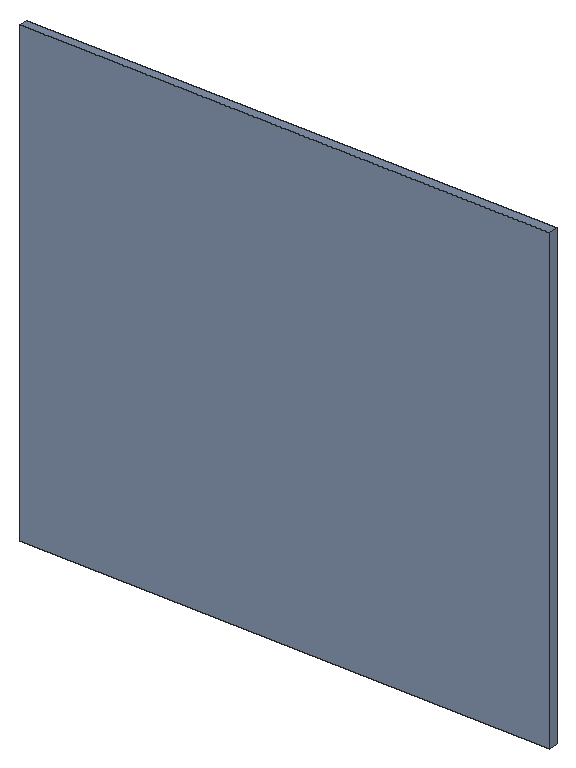
Revit family "Haworth_Masters_Tackboard", category Furniture Systems, Revit 2018
Family settings
  Round Connector Dimension = Use Diameter
  Part Type = Normal
  OmniClass Number = 23.40.70.14.64.21
  OmniClass Title = Systems Furniture
  Work Plane-Based = No
  Always vertical = Yes
  Cut with Voids When Loaded = No
  Shared = No
  Room Calculation Point = No
Parameters (values of type "24" Tackboard")
  Tackboard Height = if(Slats, 16 3/16", Actual Height)  # 24"
  Tackboard Finish = Haworth _ Fabric _ Tellure _ Sky 3A-32
  Width = 27 1/2"
  Warranty = "http://www.haworth.com/resources/product-info/warranties"
  URL - Product = "http://www.haworth.com/products/desks/freestanding/masters-series"
  Sustainability Info = "http://www.haworth.com/company-info/sustainablility"
  Standard Widths OSU = "OSU: 30-120 in @ 6 in increments"  # constant formula
  Standard Height VSU = "VSU: 24 in"  # constant formula
  Standard Height OSU = "OSU: 22 in"  # constant formula
  Slats = no
  Slat Rail = Haworth - Slat Tile
  Model = "Haworth - Masters - Tackboard"  # constant formula
  Description = "Haworth - Masters - Tackboard"  # constant formula
  Assembly Code = "E2020200"
  URL = "www.haworth.com"
  Size = "Verify Final Dim. w/ Haworth"  # constant formula
  Revision Number = "3"  # constant formula
  Mounting Offset [instance] = 30"  # constant formula
  Min. Width = 27 1/2"  # constant formula
  Max. Width = 96"  # constant formula
  Manufacturer = "Haworth"  # constant formula
  Author = "SHAPE Environments, LLC"  # constant formula
  Standard Widths VSU = "VSU: 27 1/2-93 1/2 in @ 6 in increments"  # constant formula
  Actual Width = if(Width > Max. Width, Max. Width, if(Width < Min. Width, Min. Width, Width))  # 27 1/2"
  Actual Height = 24"
Types (2): name
  24" Tackboard
  24" Tackboard w/ Slat Rail
Reference planes (in)
  plane 1 "Back": y = 0
  plane 2: z = 0
  plane 3 "Center L/R": x = 6.5
  plane 4 "Bottom": z = 30
  plane 5 "left": x = -7.25
  plane 6 "right": x = 20.25
  plane 7 "Front": y = -0.46875
  plane 8 "Top of Tackboard": z = 54
  plane 9 "Top of Slats": z = 30
  plane 10: z = 37.8125
Forms (in)
  Extrusion 1, solid, material "Haworth _ Fabric _ Tellure _ Sky 3A-32" <- "Tackboard Finish"
    sketch origin (4, 0, 0) x (1, 0, 0) y (0, 1, 0)
      loop
        line (-11.25, 0) -> (-11.25, -0.46875) -> (16.25, -0.46875) -> (16.25, 0) -> (-11.25, 0)
    from 30 to 54
  Extrusion 2, solid, material "Haworth - Slat Tile" <- "Slat Rail", visible <- "Slats"
    sketch origin (0, 0, 0) x (1, 0, 0) y (0, 1, 0)
      loop
        line (-7.25, 0) -> (-7.25, -0.46875) -> (20.25, -0.46875) -> (20.25, 0) -> (-7.25, 0)
    from 30 to 37.8125
Lines and regions (in)
  Masking region 1
    outline origin (0, 0, 30) x (-1, 0, 0) y (0, -1, 0)
      loop
        line (7.25, 0) -> (7.25, 0.46875) -> (-20.25, 0.46875) -> (-20.25, 0) -> (7.25, 0)
Dimensions and locks (in)
  equal spacing: plane 6 "right", plane 3 "Center L/R", plane 5 "left"
  "Actual Width": plane 6 "right" to plane 5 "left"
  "Mounting Offset": plane 4 "Bottom" to level
  locked: plane 1 "Back" to plane 7 "Front" at 0.46875
  "Actual Height": plane 8 "Top of Tackboard" to plane 4 "Bottom"
  "Tackboard Height": plane 8 "Top of Tackboard" to plane 9 "Top of Slats"
  locked: plane 10 to plane 4 "Bottom" at 7.8125
  aligned: Extrusion 1 to plane 4 "Bottom"
  aligned and locked: Extrusion 1 to plane 5 "left"
  aligned and locked: plane 6 "right" to Extrusion 1
  aligned and locked: Extrusion 1 to plane 1 "Back"
  aligned and locked: Extrusion 1 to plane 7 "Front"
  aligned and locked: plane 8 "Top of Tackboard" to Extrusion 1
  aligned and locked: plane 7 "Front" to Extrusion 2 sketch curve
  aligned and locked: plane 1 "Back" to Extrusion 2 sketch curve
  aligned and locked: Extrusion 2 sketch curve to plane 6 "right"
  aligned and locked: plane 5 "left" to Extrusion 2 sketch curve
  aligned and locked: Extrusion 1 to plane 9 "Top of Slats"
  aligned: plane 9 "Top of Slats" to Extrusion 2
  aligned and locked: Extrusion 2 to plane 4 "Bottom"
  aligned and locked: plane 7 "Front" to Masking region 1 sketch curve
  aligned and locked: plane 5 "left" to Masking region 1 sketch curve
  aligned and locked: plane 1 "Back" to Masking region 1 sketch curve
  aligned and locked: Masking region 1 sketch curve to plane 6 "right"
  aligned and locked: plane 10 to Extrusion 2
Automatic sketch dimensions
  Extrusion 1 sketch curve to plane 5 "left" = 0"
  plane 6 "right" to Extrusion 1 sketch curve = 0"
  Extrusion 1 sketch curve to plane 7 "Front" = 0"
  Extrusion 1 sketch curve to plane 1 "Back" = 0"
